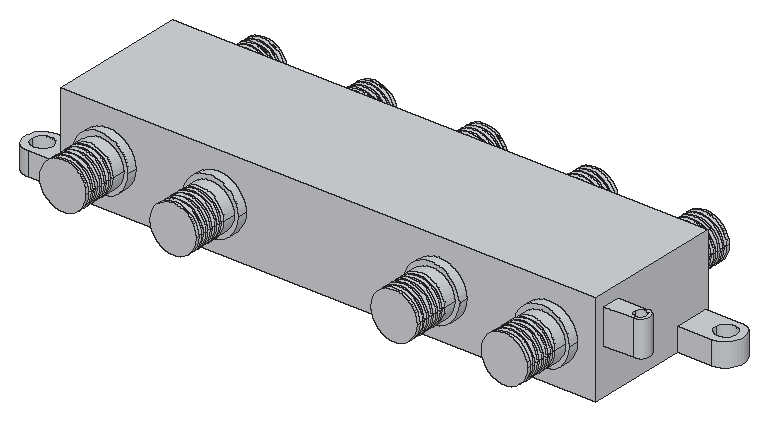
Revit family "Repetidor 812 ", category Aparatos eléctricos, Revit 2019 (continued)
Automatic sketch dimensions
  radius of curve 717 = 0.719 mm
  radius of curve 733 = 0.987 mm
  radius of curve 753 = 0.719 mm
  radius of curve 769 = 0.987 mm
  radius of curve 789 = 0.719 mm
  radius of curve 805 = 0.987 mm
  radius of curve 825 = 0.719 mm
  radius of curve 841 = 0.987 mm
  radius of curve 861 = 0.719 mm
  radius of curve 877 = 0.987 mm
  radius of curve 897 = 0.719 mm
